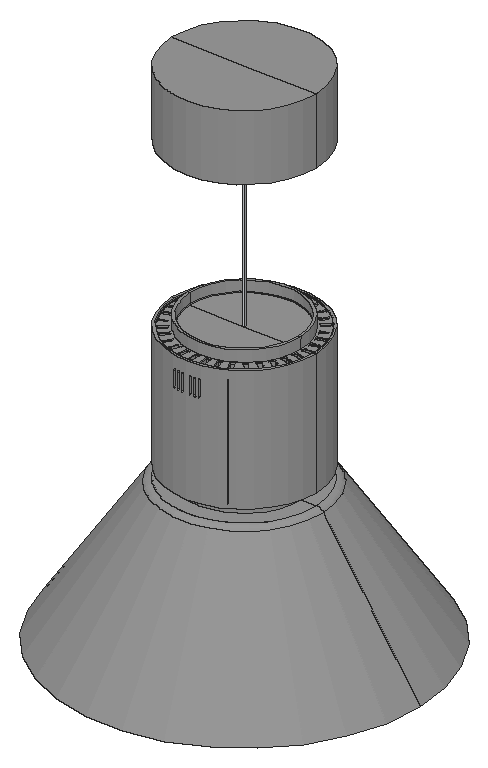
Revit family "LAMP_STORMBELL DECO + OPAL REFLECTOR", category Luminarias, Revit 2015
Parameters (values of type "2338LM 3000 WHITE FLOOD")
  Weight = 4.504 kg
  Type = "COB CITIZEN"
  Suspension height [instance] = 200.00 mm
  Reflector product code = "10400120"
  Protection rating = "IP20"
  Product datasheet = "http://www.lamp.es/product-files/TECH/ST117030FL830NOW-EN.pdf"
  Product code = "ST117030FL830NOW"
  Product URL = "http://www.lamp.es/en/family/stormbell_33344"
  Power Supply = "220-240V 50-60Hz"
  Power = 25 W
  Plum = 26.3 W
  Photometric web file = Reflector glaseado core : 2338LM 3000 WHITE FLOOD
  Modelo = Product code  # "ST117030FL830NOW"
  Material floron = LAMP_Aluminio cuerpo Stormbell BL
  Material COB = LAMP_COB
  Manufacturer name = "LAMP"
  Manufacturer country = "Spain"
  Manufacturer URL = "http://www.lamp.es/en"
  MacAdam = "<3"
  Luminaire type = "Indoor - Suspended Downlight"
  Last update = "11/11/2020"
  Lamp = "COB LED"
  LED Lifetime = "50.000 L80 B10"
  Insulation class = "I"
  Installation instructions = "http://www.lamp.es/product-files/INS/1003910-B-INSTR.%20STORMBELL.pdf"
  Initial intensity = 2338 lm
  Initial color = 3000 K
  IEE = "A+"
  Height = 173.00 mm
  Gear = "Electronic"
  Finish = "Shiny white"
  Fabricante = Manufacturer name  # "LAMP"
  Efficacy = 88.9 lm/W
  Diameter = 173.00 mm
  Descripción = "STORMBELL DECO 3000 WW FL WH."
  Core = Core Stormbell Deco : WHITE
  CRI = "80"
  Body Height = 0.00 mm
  Altura suspension [instance] = if(Suspension height < 0.00 mm, 0.00 mm, if(Suspension height > 3000.00 mm, 3000.00 mm, Suspension height))  # 200.00 mm
Types (16, lengths in mm): name | Weight | Reflector product code | Product datasheet | Product code | Power Supply | Power | Plum | Modelo | Initial intensity | Initial color | Finish | Efficacy | Descripción
  2338LM 3000 WHITE FLOOD | 4.504 kg | "10400120" | "http://www.lamp.es/product-files/TECH/ST117030FL830NOW-EN.pdf" | "ST117030FL830NOW" | "220-240V 50-60Hz" | 25 W | 26.3 W | "ST117030FL830NOW" | 2338 lm | 3000 K | "Shiny white" | 88.9 lm/W | "STORMBELL DECO 3000 WW FL WH."
  2338LM 3000 BLACK FLOOD | 4.504 kg | "10400120" | "http://www.lamp.es/product-files/TECH/ST117030FL830NOB-EN.pdf" | "ST117030FL830NOB" | "220-240V 50-60Hz" | 25 W | 26.3 W | "ST117030FL830NOB" | 2338 lm | 3000 K | "Shiny black" | 88.9 lm/W | "STORMBELL DECO 3000 WW FL BK."
  2402LM 4000 WHITE FLOOD | 4.504 kg | "10400120" | "http://www.lamp.es/product-files/TECH/ST117030FL840NOW-EN.pdf" | "ST117030FL840NOW" | "220-240V 50-60Hz" | 25 W | 26.3 W | "ST117030FL840NOW" | 2402 lm | 4000 K | "Shiny white" | 91.3 lm/W | "STORMBELL DECO 3000 NW FL WH."
  2402LM 4000 BLACK FLOOD | 4.504 kg | "10400120" | "http://www.lamp.es/product-files/TECH/ST117030FL840NOB-EN.pdf" | "ST117030FL840NOB" | "220-240V 50-60Hz" | 25 W | 26.3 W | "ST117030FL840NOB" | 2402 lm | 4000 K | "Shiny black" | 91.3 lm/W | "STORMBELL DECO 3000 NW FL BK."
  2567LM 3000 WHITE WIDE FLOOD | 4.504 kg | "10400120" | "http://www.lamp.es/product-files/TECH/ST117030WF830NOW-EN.pdf" | "ST117030WF830NOW" | "220-240V 50-60Hz" | 25 W | 26.3 W | "ST117030WF830NOW" | 2567 lm | 3000 K | "Shiny white" | 97.6 lm/W | "STORMBELL DECO 3000 WW WFL WH."
  2567LM 3000 BLACK WIDE FLOOD | 4.504 kg | "10400120" | "http://www.lamp.es/product-files/TECH/ST117030WF830NOB-EN.pdf" | "ST117030WF830NOB" | "220-240V 50-60Hz" | 25 W | 26.3 W | "ST117030WF830NOB" | 2567 lm | 3000 K | "Shiny black" | 97.6 lm/W | "STORMBELL DECO 3000 WW WFL BK."
  2638LM 4000 WHITE WIDE FLOOD | 4.504 kg | "STBE420OP" | "http://www.lamp.es/product-files/TECH/ST117030WF840NOW-EN.pdf" | "ST117030WF840NOW" | "220-240V 50-60Hz" | 25 W | 26.3 W | "ST117030WF840NOW" | 2638 lm | 4000 K | "Shiny white" | 100.3 lm/W | "STORMBELL DECO 3000 NW WFL WH."
  2638LM 4000 BLACK WIDE FLOOD | 4.504 kg | "STBE420OP" | "http://www.lamp.es/product-files/TECH/ST117030WF840NOB-EN.pdf" | "ST117030WF840NOB" | "220-240V 50-60Hz" | 25 W | 26.3 W | "ST117030WF840NOB" | 2638 lm | 4000 K | "Shiny black" | 100.3 lm/W | "STORMBELL DECO 3000 NW WFL BK."
  3691LM 3000 WHITE FLOOD | 4.592 kg | "STBE420OP" | "http://www.lamp.es/product-files/TECH/ST117050FL830NOW-EN.pdf" | "ST117050FL830NOW" | "100-240V 50-60Hz" | 44 W | 47.4 W | "ST117050FL830NOW" | 3691 lm | 3000 K | "Shiny white" | 77.9 lm/W | "STORMBELL DECO 5000 WW FL WH."
  3691LM 3000 BLACK FLOOD | 4.592 kg | "STBE420OP" | "http://www.lamp.es/product-files/TECH/ST117050FL830NOB-EN.pdf" | "ST117050FL830NOB" | "100-240V 50-60Hz" | 44 W | 47.4 W | "ST117050FL830NOB" | 3691 lm | 3000 K | "Shiny black" | 77.9 lm/W | "STORMBELL DECO 5000 WW FL BK."
  3793LM 4000 WHITE FLOOD | 4.592 kg | "STBE420OP" | "http://www.lamp.es/product-files/TECH/ST117050FL840NOW-EN.pdf" | "ST117050FL840NOW" | "100-240V 50-60Hz" | 44 W | 47.4 W | "ST117050FL840NOW" | 3793 lm | 4000 K | "Shiny white" | 80 lm/W | "STORMBELL DECO 5000 NW FL WH."
  3793LM 4000 BLACK FLOOD | 4.592 kg | "STBE420OP" | "http://www.lamp.es/product-files/TECH/ST117050FL840NOB-EN.pdf" | "ST117050FL840NOB" | "100-240V 50-60Hz" | 44 W | 47.4 W | "ST117050FL840NOB" | 3793 lm | 4000 K | "Shiny black" | 80 lm/W | "STORMBELL DECO 5000 NW FL BK."
  4042LM 3000 WHITE WIDE FLOOD | 4.592 kg | "STBE420OP" | "http://www.lamp.es/product-files/TECH/ST117050WF830NOW-EN.pdf" | "ST117050WF830NOW" | "100-240V 50-60Hz" | 44 W | 47.4 W | "ST117050WF830NOW" | 4042 lm | 3000 K | "Shiny white" | 85.3 lm/W | "STORMBELL DECO 5000 WW WFL WH."
  4042LM 3000 BLACK WIDE FLOOD | 4.592 kg | "STBE420OP" | "http://www.lamp.es/product-files/TECH/ST117050WF830NOB-EN.pdf" | "ST117050WF830NOB" | "100-240V 50-60Hz" | 44 W | 47.4 W | "ST117050WF830NOB" | 4042 lm | 3000 K | "Shiny black" | 85.3 lm/W | "STORMBELL DECO 5000 WW WFL BK."
  4154LM 4000 WHITE WIDE FLOOD | 4.592 kg | "STBE420OP" | "http://www.lamp.es/product-files/TECH/ST117050WF840NOW-EN.pdf" | "ST117050WF840NOW" | "100-240V 50-60Hz" | 44 W | 47.4 W | "ST117050WF840NOW" | 4154 lm | 4000 K | "Shiny white" | 87.6 lm/W | "STORMBELL DECO 5000 NW WFL WH."
  4154LM 4000 BLACK WIDE FLOOD | 4.592 kg | "STBE420OP" | "http://www.lamp.es/product-files/TECH/ST117050WF840NOB-EN.pdf" | "ST117050WF840NOB" | "100-240V 50-60Hz" | 44 W | 47.4 W | "ST117050WF840NOB" | 4154 lm | 4000 K | "Shiny black" | 87.6 lm/W | "STORMBELL DECO 5000 NW WFL BK."
Reference planes
  plane 1 "Eje de origen de luz (F/P)": y = 0
  plane 2 "Techo": z = 2438.4
  plane 3 "Eje de origen de luz (I/D)": x = 0
  plane 4 "Elevación de origen de luz": z = 1316.8
  plane 5: z = 2359.2
Forms (mm)
  Revolve 1, solid, material "LAMP_Aluminio cuerpo Stormbell BL" <- "Material floron"
    sketch origin (0, 0, 0) x (1, 0, 0) y (0, 0, 1)
      loop
        line (0, 2438.4) -> (-86.5, 2438.4) -> (-86.5, 2359.2) -> (-83.75, 2359.2) -> (-83.75, 2371.9) -> (0, 2371.9) -> (0, 2438.4)
      axis (0, 2438.4) -> (0, 2359.2)
    angle from 0 to 360
  Extrusion 2, solid
    sketch origin (0, 0, 0) x (1, 0, 0) y (0, 1, 0)
      loop
        circle (0, 0) r 1
    from 2159.2 to 2371.9
  Revolve 3, solid, material "LAMP_COB" <- "Material COB"
    sketch origin (-474.113, 0, 2159.2) x (1, 0, 0) y (0, 0, 1)
      loop
        line (474.113, -61.467) -> (474.113, -62.467) -> (481.113, -62.467) -> (481.113, -61.467) -> (474.113, -61.467)
      axis (474.113, -61.467) -> (474.113, -62.467)
    angle from 0 to 360
  Extrusion 4, solid, material "LAMP_Aluminio cuerpo Stormbell BL" <- "Material floron"
    sketch origin (-1.875, 0, 0) x (1, 0, 0) y (0, 1, 0)
      loop
        line (18.156, -7.036) -> (18.156, 7.036)
        arc (18.156, 7.036) -> (17.332, 7.861) -> (16.508, 7.036) r 0.824
        line (16.508, 7.036) -> (16.508, -5.422)
        arc (16.508, -5.422) -> (16.293, -5.94) -> (15.775, -6.154) r 0.733
        line (15.775, -6.154) -> (14.051, -6.154)
        arc (14.051, -6.154) -> (13.604, -6.011) -> (13.324, -5.636) r 0.768
        line (13.324, -5.636) -> (9.075, 6.72)
        arc (9.075, 6.72) -> (7.599, 7.773) -> (6.122, 6.72) r 1.561
        line (6.122, 6.72) -> (1.915, -5.514)
        arc (1.915, -5.514) -> (0.865, -6.139) -> (0.075, -5.206) r 0.946
        line (0.075, -5.206) -> (0.075, 6.255)
        arc (0.075, 6.255) -> (-1.121, 7.917) -> (-3.078, 7.312) r 1.753
        line (-3.078, 7.312) -> (-5.708, 4.681) -> (-8.339, 7.312)
        arc (-8.339, 7.312) -> (-10.295, 7.917) -> (-11.491, 6.255) r 1.753
        line (-11.491, 6.255) -> (-11.491, -5.392)
        arc (-11.491, -5.392) -> (-11.714, -5.931) -> (-12.253, -6.154) r 0.762
        line (-12.253, -6.154) -> (-13.949, -6.154)
        arc (-13.949, -6.154) -> (-14.491, -5.93) -> (-14.715, -5.388) r 0.766
        line (-14.715, -5.388) -> (-14.715, 7.007)
        arc (-14.715, 7.007) -> (-14.94, 7.549) -> (-15.481, 7.773) r 0.766
        line (-15.481, 7.773) -> (-22.184, 7.773)
        arc (-22.184, 7.773) -> (-22.732, 7.546) -> (-22.959, 6.997) r 0.776
        line (-22.959, 6.997) -> (-22.959, 1.093)
        arc (-22.959, 1.093) -> (-22.743, 0.57) -> (-22.22, 0.354) r 0.739
        line (-22.22, 0.354) -> (-17.382, 0.354)
        arc (-17.382, 0.354) -> (-16.557, 1.178) -> (-17.382, 2.002) r 0.824
        line (-17.382, 2.002) -> (-20.553, 2.002)
        arc (-20.553, 2.002) -> (-21.089, 2.224) -> (-21.31, 2.76) r 0.758
        line (-21.31, 2.76) -> (-21.31, 5.362)
        arc (-21.31, 5.362) -> (-21.087, 5.901) -> (-20.548, 6.124) r 0.762
        line (-20.548, 6.124) -> (-17.104, 6.124)
        arc (-17.104, 6.124) -> (-16.581, 5.908) -> (-16.364, 5.384) r 0.74
        line (-16.364, 5.384) -> (-16.364, -7.016)
        arc (-16.364, -7.016) -> (-16.14, -7.557) -> (-15.598, -7.782) r 0.766
        line (-15.598, -7.782) -> (-10.521, -7.782)
        arc (-10.521, -7.782) -> (-10.021, -7.574) -> (-9.814, -7.074) r 0.708
        line (-9.814, -7.074) -> (-9.814, 6.019) -> (-5.708, 1.914) -> (-1.603, 6.019) -> (-1.603, -6.949)
        arc (-1.603, -6.949) -> (-1.39, -7.464) -> (-0.874, -7.677) r 0.729
        line (-0.874, -7.677) -> (2.395, -7.677)
        arc (2.395, -7.677) -> (2.818, -7.542) -> (3.083, -7.187) r 0.727
        line (3.083, -7.187) -> (7.599, 5.936) -> (12.139, -7.259)
        arc (12.139, -7.259) -> (12.421, -7.638) -> (12.871, -7.782) r 0.775
        line (12.871, -7.782) -> (17.411, -7.782)
        arc (17.411, -7.782) -> (17.938, -7.563) -> (18.156, -7.036) r 0.745
    from 2370.9 to 2371.9
Lines and regions (mm)
  reference lines
    curve 1: line (-474.113, 0, 2159.2) -> (435.887, 0, 2159.2)
Text (mm)
  text "Any modification of the parameters and properties of the LAMP BIM models must be executed and validated by the LAMP technical department.\n\nPhone: +34 93 736 68 00\n\nE-mail: lamp@lamp.es\n\n\n\nLAMP reserves the right to modify the technical specifications of its products." at (-12684.27, -18653.432, 16760.065), in view "Preview"
Dimensions and locks
  equal spacing: host sketch curve, plane 3 "Eje de origen de luz (I/D)", host sketch curve
  equal spacing: host sketch curve, plane 1 "Eje de origen de luz (F/P)", host sketch curve
  host sketch curve to host sketch curve = 3048.00 mm  (x2)
  locked: plane 2 "Techo" to plane 5 at 79.2
  "Altura suspension": plane 5 to curve 1
  aligned and locked: plane 5 to Revolve 1
  aligned and locked: curve 1 to Extrusion 2
Automatic sketch dimensions
  Revolve 1 sketch curve to plane 2 "Techo" = 0.00 mm
  Revolve 1 sketch curve to plane 5 = 0.00 mm
  Revolve 1 sketch curve to plane 3 "Eje de origen de luz (I/D)" = 0.00 mm  (x2)
  Revolve 1 sketch curve to plane 3 "Eje de origen de luz (I/D)" = 83.75 mm
  Revolve 1 sketch curve to Revolve 1 sketch curve = 2.75 mm
  plane 5 to Revolve 1 sketch curve = 12.70 mm
  Revolve 1 sketch curve to level = 304.80 mm
  plane 2 "Techo" to Revolve 1 sketch curve = 324.435 mm
  plane 1 "Eje de origen de luz (F/P)" to Extrusion 2 sketch curve = 0.00 mm
  Extrusion 2 sketch curve to plane 3 "Eje de origen de luz (I/D)" = 0.00 mm
  curve 1 to Revolve 3 sketch curve = 61.467 mm
  Revolve 3 sketch curve to curve 1 = 435.887 mm  (x2)
  Revolve 3 sketch curve to Revolve 3 sketch curve = 7.00 mm
  Revolve 3 sketch curve to Revolve 3 sketch curve = 1.00 mm
  Revolve 3 sketch curve to curve 1 = 2364.00 mm
  curve 1 to Revolve 3 sketch curve = 703.635 mm
  Extrusion 4 sketch curve to plane 1 "Eje de origen de luz (F/P)" = 1.093 mm
  Extrusion 4 sketch curve to plane 3 "Eje de origen de luz (I/D)" = 24.834 mm
  Extrusion 4 sketch curve to Extrusion 4 sketch curve = 0.739 mm
  Extrusion 4 sketch curve to Extrusion 4 sketch curve = 0.776 mm
  Extrusion 4 sketch curve to Extrusion 4 sketch curve = 0.873 mm
  Extrusion 4 sketch curve to Extrusion 4 sketch curve = 0.758 mm
  Extrusion 4 sketch curve to Extrusion 4 sketch curve = 0.762 mm  (x2)
  Extrusion 4 sketch curve to Extrusion 4 sketch curve = 3.171 mm
  Extrusion 4 sketch curve to Extrusion 4 sketch curve = 0.277 mm
  Extrusion 4 sketch curve to Extrusion 4 sketch curve = 1.018 mm
  Extrusion 4 sketch curve to Extrusion 4 sketch curve = 0.766 mm  (x2)
  Extrusion 4 sketch curve to Extrusion 4 sketch curve = 1.623 mm
  Extrusion 4 sketch curve to Extrusion 4 sketch curve = 0.883 mm
  Extrusion 4 sketch curve to Extrusion 4 sketch curve = 1.696 mm
  Extrusion 4 sketch curve to Extrusion 4 sketch curve = 0.97 mm
  Extrusion 4 sketch curve to Extrusion 4 sketch curve = 0.708 mm
  Extrusion 4 sketch curve to Extrusion 4 sketch curve = 0.076 mm  (x2)
  Extrusion 4 sketch curve to plane 1 "Eje de origen de luz (F/P)" = 7.312 mm  (x2)
  Extrusion 4 sketch curve to Extrusion 4 sketch curve = 1.399 mm  (x2)
  Extrusion 4 sketch curve to plane 1 "Eje de origen de luz (F/P)" = 4.681 mm
  Extrusion 4 sketch curve to Extrusion 4 sketch curve = 2.631 mm
  Extrusion 4 sketch curve to plane 1 "Eje de origen de luz (F/P)" = 1.914 mm
  Extrusion 4 sketch curve to Extrusion 4 sketch curve = 0.00 mm  (x2)
  Extrusion 4 sketch curve to Extrusion 4 sketch curve = 0.729 mm
  Extrusion 4 sketch curve to Extrusion 4 sketch curve = 1.677 mm
  Extrusion 4 sketch curve to Extrusion 4 sketch curve = 0.946 mm
  plane 1 "Eje de origen de luz (F/P)" to Extrusion 4 sketch curve = 5.514 mm
  Extrusion 4 sketch curve to Extrusion 4 sketch curve = 0.895 mm
  Extrusion 4 sketch curve to Extrusion 4 sketch curve = 0.48 mm
  plane 1 "Eje de origen de luz (F/P)" to Extrusion 4 sketch curve = 7.187 mm
  Extrusion 4 sketch curve to Extrusion 4 sketch curve = 0.688 mm
  Extrusion 4 sketch curve to plane 1 "Eje de origen de luz (F/P)" = 6.72 mm  (x2)
  Extrusion 4 sketch curve to Extrusion 4 sketch curve = 6.048 mm
  Extrusion 4 sketch curve to Extrusion 4 sketch curve = 1.476 mm
  Extrusion 4 sketch curve to plane 1 "Eje de origen de luz (F/P)" = 5.936 mm
  plane 1 "Eje de origen de luz (F/P)" to Extrusion 4 sketch curve = 7.259 mm
  Extrusion 4 sketch curve to Extrusion 4 sketch curve = 9.055 mm
  Extrusion 4 sketch curve to Extrusion 4 sketch curve = 0.733 mm
  plane 1 "Eje de origen de luz (F/P)" to Extrusion 4 sketch curve = 5.636 mm
  Extrusion 4 sketch curve to Extrusion 4 sketch curve = 0.453 mm
  Extrusion 4 sketch curve to Extrusion 4 sketch curve = 0.727 mm
  Extrusion 4 sketch curve to Extrusion 4 sketch curve = 1.725 mm
  Extrusion 4 sketch curve to Extrusion 4 sketch curve = 7.433 mm
  Extrusion 4 sketch curve to Extrusion 4 sketch curve = 0.824 mm  (x2)
  Extrusion 4 sketch curve to Extrusion 4 sketch curve = 0.745 mm
  Extrusion 4 sketch curve to Extrusion 4 sketch curve = 2.146 mm
  plane 1 "Eje de origen de luz (F/P)" to Extrusion 4 sketch curve = 7.782 mm
  Extrusion 4 sketch curve to Extrusion 4 sketch curve = 2.472 mm
  Extrusion 4 sketch curve to Extrusion 4 sketch curve = 0.519 mm
  Extrusion 4 sketch curve to Extrusion 4 sketch curve = 0.862 mm
  Extrusion 4 sketch curve to Extrusion 4 sketch curve = 2.602 mm
  Extrusion 4 sketch curve to Extrusion 4 sketch curve = 0.236 mm
  Extrusion 4 sketch curve to Extrusion 4 sketch curve = 0.276 mm
  Extrusion 4 sketch curve to Extrusion 4 sketch curve = 1.635 mm
  Extrusion 4 sketch curve to Extrusion 4 sketch curve = 0.317 mm
  curve 1 to plane 3 "Eje de origen de luz (I/D)" = 474.113 mm
  plane 3 "Eje de origen de luz (I/D)" to curve 1 = 435.887 mm
  radius of Extrusion 2 sketch curve = 1.00 mm
Nested families
  nested 1: "Core Stormbell Deco" at (0, 0, 1995.7), type <- "Core", type "WHITE"
  nested 2: "Reflector glaseado core" at (0, 0, 302.7), type <- "Photometric web file", type "2338LM 3000 WHITE FLOOD"
Connectors
  electrical at (0, 0, 2438.4)
    settings: on Revolve 1, index 1, voltage 230 V, apparent load 0 VA, apparent load phase1 0 VA, apparent load phase2 0 VA, apparent load phase3 0 VA, power factor 1, load classification "Otro", number of poles 1, system type 31, power factor state 1, is connector primary yes, connector utility no, sub classification motor no, connector description ""
Definition of nested family "Core Stormbell Deco"
  Parameters (values of type "BLACK")
    Material disipador = none
    Material core = none
    Default Elevation = 1219.20 mm
  Types (3): name
    (no name)
    BLACK
    WHITE
  Reference planes
    plane 1 "Centro (Frontal/Posterior)": y = 0
    plane 2: z = 0
    plane 3 "Centro (Izquierda/Derecha)": x = 0
  Forms (mm)
    Revolve 1, solid, material <- "Material core"
      sketch origin (0, 0, -1221.577) x (1, 0, 0) y (0, 0, 1)
        loop
          line (83.75, 1384.077) -> (83.75, 1383.077) -> (0, 1383.077) -> (0, 1323.61) -> (7, 1323.61) -> (7, 1322.61) -> (22.096, 1322.61)
          arc (22.096, 1322.61) -> (24.519, 1321.984) -> (26.335, 1320.262) r 5
          arc (26.335, 1320.262) -> (44.293, 1286.941) -> (57.8, 1251.58) r 292.631
          line (57.8, 1251.58) -> (59.5, 1251.58) -> (64, 1251.58) -> (64, 1238.077) -> (83.75, 1238.077) -> (83.75, 1237.077) -> (83.75, 1236.077) -> (86.5, 1236.077) -> (86.5, 1385.077) -> (83.75, 1385.077) -> (83.75, 1384.077)
        axis (0, 1385.077) -> (0, 1236.077)
      angle from 0 to 360
    Extrusion 2, void
      sketch origin (0, 0, 0) x (1, 0, 0) y (0, 1, 0)
        loop
          line (-2.75, 81.654) -> (-2.75, 70.747)
          arc (-2.75, 70.747) -> (0, 70.8) -> (2.75, 70.747) r 70.8
          line (2.75, 70.747) -> (2.75, 81.654)
          arc (2.75, 81.654) -> (0, 81.7) -> (-2.75, 81.654) r 81.7
        loop
          arc (-2.75, -81.654) -> (0, -81.7) -> (2.75, -81.654) r 81.7
          line (2.75, -81.654) -> (2.75, -70.747)
          arc (2.75, -70.747) -> (0, -70.8) -> (-2.75, -70.747) r 70.8
          line (-2.75, -70.747) -> (-2.75, -81.654)
        loop
          line (81.654, 2.75) -> (70.747, 2.75)
          arc (70.747, 2.75) -> (70.8, 0) -> (70.747, -2.75) r 70.8
          line (70.747, -2.75) -> (81.654, -2.75)
          arc (81.654, -2.75) -> (81.7, 0) -> (81.654, 2.75) r 81.7
        loop
          arc (-81.654, 2.75) -> (-81.7, 0) -> (-81.654, -2.75) r 81.7
          line (-81.654, -2.75) -> (-70.747, -2.75)
          arc (-70.747, -2.75) -> (-70.8, 0) -> (-70.747, 2.75) r 70.8
          line (-70.747, 2.75) -> (-81.654, 2.75)
        loop
          line (11.471, 80.891) -> (9.577, 70.149)
          arc (9.577, 70.149) -> (12.294, 69.724) -> (14.993, 69.194) r 70.8
          line (14.993, 69.194) -> (16.887, 79.936)
          arc (16.887, 79.936) -> (14.187, 80.459) -> (11.471, 80.891) r 81.7
        loop
          line (25.343, 77.67) -> (21.613, 67.421)
          arc (21.613, 67.421) -> (24.215, 66.53) -> (26.781, 65.539) r 70.8
          line (26.781, 65.539) -> (30.511, 75.789)
          arc (30.511, 75.789) -> (27.943, 76.773) -> (25.343, 77.67) r 81.7
        loop
          line (38.445, 72.089) -> (32.992, 62.643)
          arc (32.992, 62.643) -> (35.4, 61.315) -> (37.755, 59.893) r 70.8
          line (37.755, 59.893) -> (43.208, 69.339)
          arc (43.208, 69.339) -> (40.85, 70.754) -> (38.445, 72.089) r 81.7
        loop
          line (50.379, 64.318) -> (43.368, 55.963)
          arc (43.368, 55.963) -> (45.509, 54.236) -> (47.582, 52.427) r 70.8
          line (47.582, 52.427) -> (54.593, 60.783)
          arc (54.593, 60.783) -> (52.516, 62.586) -> (50.379, 64.318) r 81.7
        loop
          line (60.783, 54.593) -> (52.427, 47.582)
          arc (52.427, 47.582) -> (54.236, 45.509) -> (55.963, 43.368) r 70.8
          line (55.963, 43.368) -> (64.318, 50.379)
          arc (64.318, 50.379) -> (62.586, 52.516) -> (60.783, 54.593) r 81.7
        loop
          line (69.339, 43.208) -> (59.893, 37.755)
          arc (59.893, 37.755) -> (61.315, 35.4) -> (62.643, 32.992) r 70.8
          line (62.643, 32.992) -> (72.089, 38.445)
          arc (72.089, 38.445) -> (70.754, 40.85) -> (69.339, 43.208) r 81.7
        loop
          line (75.789, 30.511) -> (65.539, 26.781)
          arc (65.539, 26.781) -> (66.53, 24.215) -> (67.421, 21.613) r 70.8
          line (67.421, 21.613) -> (77.67, 25.343)
          arc (77.67, 25.343) -> (76.773, 27.943) -> (75.789, 30.511) r 81.7
        loop
          line (79.936, 16.887) -> (69.194, 14.993)
          arc (69.194, 14.993) -> (69.724, 12.294) -> (70.149, 9.577) r 70.8
          line (70.149, 9.577) -> (80.891, 11.471)
          arc (80.891, 11.471) -> (80.459, 14.187) -> (79.936, 16.887) r 81.7
        loop
          arc (-11.471, 80.891) -> (-14.187, 80.459) -> (-16.887, 79.936) r 81.7
          line (-16.887, 79.936) -> (-14.993, 69.194)
          arc (-14.993, 69.194) -> (-12.294, 69.724) -> (-9.577, 70.149) r 70.8
          line (-9.577, 70.149) -> (-11.471, 80.891)
        loop
          arc (-25.343, 77.67) -> (-27.943, 76.773) -> (-30.511, 75.789) r 81.7
          line (-30.511, 75.789) -> (-26.781, 65.539)
          arc (-26.781, 65.539) -> (-24.215, 66.53) -> (-21.613, 67.421) r 70.8
          line (-21.613, 67.421) -> (-25.343, 77.67)
        loop
          arc (-38.445, 72.089) -> (-40.85, 70.754) -> (-43.208, 69.339) r 81.7
          line (-43.208, 69.339) -> (-37.755, 59.893)
          arc (-37.755, 59.893) -> (-35.4, 61.315) -> (-32.992, 62.643) r 70.8
          line (-32.992, 62.643) -> (-38.445, 72.089)
        loop
          arc (-50.379, 64.318) -> (-52.516, 62.586) -> (-54.593, 60.783) r 81.7
          line (-54.593, 60.783) -> (-47.582, 52.427)
          arc (-47.582, 52.427) -> (-45.509, 54.236) -> (-43.368, 55.963) r 70.8
          line (-43.368, 55.963) -> (-50.379, 64.318)
        loop
          arc (-60.783, 54.593) -> (-62.586, 52.516) -> (-64.318, 50.379) r 81.7
          line (-64.318, 50.379) -> (-55.963, 43.368)
          arc (-55.963, 43.368) -> (-54.236, 45.509) -> (-52.427, 47.582) r 70.8
          line (-52.427, 47.582) -> (-60.783, 54.593)
        loop
          arc (-69.339, 43.208) -> (-70.754, 40.85) -> (-72.089, 38.445) r 81.7
          line (-72.089, 38.445) -> (-62.643, 32.992)
          arc (-62.643, 32.992) -> (-61.315, 35.4) -> (-59.893, 37.755) r 70.8
          line (-59.893, 37.755) -> (-69.339, 43.208)
        loop
          arc (-75.789, 30.511) -> (-76.773, 27.943) -> (-77.67, 25.343) r 81.7
          line (-77.67, 25.343) -> (-67.421, 21.613)
          arc (-67.421, 21.613) -> (-66.53, 24.215) -> (-65.539, 26.781) r 70.8
          line (-65.539, 26.781) -> (-75.789, 30.511)
        loop
          arc (-79.936, 16.887) -> (-80.459, 14.187) -> (-80.891, 11.471) r 81.7
          line (-80.891, 11.471) -> (-70.149, 9.577)
          arc (-70.149, 9.577) -> (-69.724, 12.294) -> (-69.194, 14.993) r 70.8
          line (-69.194, 14.993) -> (-79.936, 16.887)
        loop
          arc (11.471, -80.891) -> (14.187, -80.459) -> (16.887, -79.936) r 81.7
          line (16.887, -79.936) -> (14.993, -69.194)
          arc (14.993, -69.194) -> (12.294, -69.724) -> (9.577, -70.149) r 70.8
          line (9.577, -70.149) -> (11.471, -80.891)
        loop
          arc (25.343, -77.67) -> (27.943, -76.773) -> (30.511, -75.789) r 81.7
          line (30.511, -75.789) -> (26.781, -65.539)
          arc (26.781, -65.539) -> (24.215, -66.53) -> (21.613, -67.421) r 70.8
          line (21.613, -67.421) -> (25.343, -77.67)
        loop
          arc (38.445, -72.089) -> (40.85, -70.754) -> (43.208, -69.339) r 81.7
          line (43.208, -69.339) -> (37.755, -59.893)
          arc (37.755, -59.893) -> (35.4, -61.315) -> (32.992, -62.643) r 70.8
          line (32.992, -62.643) -> (38.445, -72.089)
        loop
          arc (50.379, -64.318) -> (52.516, -62.586) -> (54.593, -60.783) r 81.7
          line (54.593, -60.783) -> (47.582, -52.427)
          arc (47.582, -52.427) -> (45.509, -54.236) -> (43.368, -55.963) r 70.8
          line (43.368, -55.963) -> (50.379, -64.318)
        loop
          arc (60.783, -54.593) -> (62.586, -52.516) -> (64.318, -50.379) r 81.7
          line (64.318, -50.379) -> (55.963, -43.368)
          arc (55.963, -43.368) -> (54.236, -45.509) -> (52.427, -47.582) r 70.8
          line (52.427, -47.582) -> (60.783, -54.593)
        loop
          arc (69.339, -43.208) -> (70.754, -40.85) -> (72.089, -38.445) r 81.7
          line (72.089, -38.445) -> (62.643, -32.992)
          arc (62.643, -32.992) -> (61.315, -35.4) -> (59.893, -37.755) r 70.8
          line (59.893, -37.755) -> (69.339, -43.208)
        loop
          arc (75.789, -30.511) -> (76.773, -27.943) -> (77.67, -25.343) r 81.7
          line (77.67, -25.343) -> (67.421, -21.613)
          arc (67.421, -21.613) -> (66.53, -24.215) -> (65.539, -26.781) r 70.8
          line (65.539, -26.781) -> (75.789, -30.511)
        loop
          arc (79.936, -16.887) -> (80.459, -14.187) -> (80.891, -11.471) r 81.7
          line (80.891, -11.471) -> (70.149, -9.577)
          arc (70.149, -9.577) -> (69.724, -12.294) -> (69.194, -14.993) r 70.8
          line (69.194, -14.993) -> (79.936, -16.887)
        loop
          line (-11.471, -80.891) -> (-9.577, -70.149)
          arc (-9.577, -70.149) -> (-12.294, -69.724) -> (-14.993, -69.194) r 70.8
          line (-14.993, -69.194) -> (-16.887, -79.936)
          arc (-16.887, -79.936) -> (-14.187, -80.459) -> (-11.471, -80.891) r 81.7
        loop
          line (-25.343, -77.67) -> (-21.613, -67.421)
          arc (-21.613, -67.421) -> (-24.215, -66.53) -> (-26.781, -65.539) r 70.8
          line (-26.781, -65.539) -> (-30.511, -75.789)
          arc (-30.511, -75.789) -> (-27.943, -76.773) -> (-25.343, -77.67) r 81.7
        loop
          line (-38.445, -72.089) -> (-32.992, -62.643)
          arc (-32.992, -62.643) -> (-35.4, -61.315) -> (-37.755, -59.893) r 70.8
          line (-37.755, -59.893) -> (-43.208, -69.339)
          arc (-43.208, -69.339) -> (-40.85, -70.754) -> (-38.445, -72.089) r 81.7
        loop
          line (-50.379, -64.318) -> (-43.368, -55.963)
          arc (-43.368, -55.963) -> (-45.509, -54.236) -> (-47.582, -52.427) r 70.8
          line (-47.582, -52.427) -> (-54.593, -60.783)
          arc (-54.593, -60.783) -> (-52.516, -62.586) -> (-50.379, -64.318) r 81.7
        loop
          line (-60.783, -54.593) -> (-52.427, -47.582)
          arc (-52.427, -47.582) -> (-54.236, -45.509) -> (-55.963, -43.368) r 70.8
          line (-55.963, -43.368) -> (-64.318, -50.379)
          arc (-64.318, -50.379) -> (-62.586, -52.516) -> (-60.783, -54.593) r 81.7
        loop
          line (-69.339, -43.208) -> (-59.893, -37.755)
          arc (-59.893, -37.755) -> (-61.315, -35.4) -> (-62.643, -32.992) r 70.8
          line (-62.643, -32.992) -> (-72.089, -38.445)
          arc (-72.089, -38.445) -> (-70.754, -40.85) -> (-69.339, -43.208) r 81.7
        loop
          line (-75.789, -30.511) -> (-65.539, -26.781)
          arc (-65.539, -26.781) -> (-66.53, -24.215) -> (-67.421, -21.613) r 70.8
          line (-67.421, -21.613) -> (-77.67, -25.343)
          arc (-77.67, -25.343) -> (-76.773, -27.943) -> (-75.789, -30.511) r 81.7
        loop
          line (-79.936, -16.887) -> (-69.194, -14.993)
          arc (-69.194, -14.993) -> (-69.724, -12.294) -> (-70.149, -9.577) r 70.8
          line (-70.149, -9.577) -> (-80.891, -11.471)
          arc (-80.891, -11.471) -> (-80.459, -14.187) -> (-79.936, -16.887) r 81.7
      from 14.5 to 163.5
    Extrusion 3, void
      sketch origin (0, 0, 0) x (1, 0, 0) y (0, 0, 1)
        loop
          arc (-3.5, 147.5) -> (-4.75, 148.75) -> (-6, 147.5) r 1.25
          line (-6, 147.5) -> (-6, 129.5)
          arc (-6, 129.5) -> (-4.75, 128.25) -> (-3.5, 129.5) r 1.25
          line (-3.5, 129.5) -> (-3.5, 147.5)
        loop
          arc (-8.5, 147.5) -> (-9.75, 148.75) -> (-11, 147.5) r 1.25
          line (-11, 147.5) -> (-11, 129.5)
          arc (-11, 129.5) -> (-9.75, 128.25) -> (-8.5, 129.5) r 1.25
          line (-8.5, 129.5) -> (-8.5, 147.5)
        loop
          arc (-13.5, 147.5) -> (-14.75, 148.75) -> (-16, 147.5) r 1.25
          line (-16, 147.5) -> (-16, 129.5)
          arc (-16, 129.5) -> (-14.75, 128.25) -> (-13.5, 129.5) r 1.25
          line (-13.5, 129.5) -> (-13.5, 147.5)
        loop
          arc (16, 147.5) -> (14.75, 148.75) -> (13.5, 147.5) r 1.25
          line (13.5, 147.5) -> (13.5, 129.5)
          arc (13.5, 129.5) -> (14.75, 128.25) -> (16, 129.5) r 1.25
          line (16, 129.5) -> (16, 147.5)
        loop
          arc (11, 147.5) -> (9.75, 148.75) -> (8.5, 147.5) r 1.25
          line (8.5, 147.5) -> (8.5, 129.5)
          arc (8.5, 129.5) -> (9.75, 128.25) -> (11, 129.5) r 1.25
          line (11, 129.5) -> (11, 147.5)
        loop
          arc (6, 147.5) -> (4.75, 148.75) -> (3.5, 147.5) r 1.25
          line (3.5, 147.5) -> (3.5, 129.5)
          arc (3.5, 129.5) -> (4.75, 128.25) -> (6, 129.5) r 1.25
          line (6, 129.5) -> (6, 147.5)
      from -87.047 to 87.159
    Revolve 4, solid, material <- "Material disipador"
      sketch origin (0, 0, 0) x (1, 0, 0) y (0, 0, 1)
        loop
          line (65.3, 175.5) -> (65.3, 163.5) -> (65.3, 162.5) -> (0, 162.5) -> (0, 161.5) -> (82.8, 161.5) -> (82.8, 16.5) -> (64, 16.5) -> (64, 13.203) -> (53.7, 13.203) -> (53.7, 10.703) -> (64, 10.703) -> (64, 6.703) -> (65.3, 0) -> (68.2, 0) -> (68.2, 15.5) -> (83.75, 15.5) -> (83.75, 162.5) -> (68.2, 162.5) -> (68.2, 175.5) -> (65.3, 175.5)
        axis (0, 175.5) -> (0, 0)
      angle from 0 to 360
  Cuts and joins
    Extrusion 2, Extrusion 3 cuts Revolve 1
    Extrusion 2 cuts Revolve 4
  Dimensions and locks
    aligned and locked: level to plane 2
Definition of nested family "Reflector glaseado core"
  Parameters (values of type "2338LM 3000 BLACK FLOOD")
    Tilt Angle = 90.00°
    Wattage = 26.3 W
    Separación luz = 20.00 mm
    built-in parameter 1150110 = 1 (stored number, unit not read)
    Material reflector = none
    built-in parameter 1114217 = 1 (stored number, unit not read)
    built-in parameter 1150109 = 1 (stored number, unit not read)
    Default Elevation = 1219.20 mm
    built-in parameter 1150134 = (empty or 0)
    built-in parameter 1150113 = 1 (stored number, unit not read)
    Lumens = 2338.07 lm
    built-in parameter 1150115 = 1 (stored number, unit not read)
    built-in parameter 1150105 = 186.06 (stored number, unit not read)
    built-in parameter 1150137 = (empty or 0)
    built-in parameter 1150139 = (empty or 0)
    built-in parameter 1150112 = 1 (stored number, unit not read)
    built-in parameter 1150114 = 1 (stored number, unit not read)
    built-in parameter 1150132 = 2
    built-in parameter 1150102 = (empty or 0)
    built-in parameter 1150138 = (empty or 0)
    built-in parameter 1150107 = 3000 (stored number, unit not read)
    built-in parameter 1150106 = 1.8606 (stored number, unit not read)
    built-in parameter 1150104 = 8.2591 (stored number, unit not read)
    Dimming Lamp Color Temperature Shift = (empty or 0)
    Color Filter = 16777215
    built-in parameter 1114218 = 1 (stored number, unit not read)
    Photometric Web File = "10441002+10400120_100.IES"
    built-in parameter 1150133 = 10 (stored number, unit not read)
  Types (17, lengths in mm): name | Wattage | built-in parameter 1150134 | Lumens | built-in parameter 1150105 | built-in parameter 1150107 | built-in parameter 1150106 | built-in parameter 1150104 | Photometric Web File
    (no name) | 26.3 W | (empty or 0) | 2338.07 lm | 186.06 (stored number, unit not read) | 3000 (stored number, unit not read) | 1.8606 (stored number, unit not read) | 8.2591 (stored number, unit not read) | "10441002+10400120_100.IES"
    2338LM 3000 WHITE FLOOD | 26.3 W | (empty or 0) | 2338.07 lm | 186.06 (stored number, unit not read) | 3000 (stored number, unit not read) | 1.8606 (stored number, unit not read) | 8.2591 (stored number, unit not read) | "10441000+10400120_100.IES"
    2338LM 3000 BLACK FLOOD | 26.3 W | (empty or 0) | 2338.07 lm | 186.06 (stored number, unit not read) | 3000 (stored number, unit not read) | 1.8606 (stored number, unit not read) | 8.2591 (stored number, unit not read) | "10441002+10400120_100.IES"
    2402LM 4000 WHITE FLOOD | 26.3 W | 12 | 2401.98 lm | 4122.2 (stored number, unit not read) | 4000 (stored number, unit not read) | 41.222 (stored number, unit not read) | 8.4848 (stored number, unit not read) | "10440000+10400120_100.IES"
    2402LM 4000 BLACK FLOOD | 26.3 W | 12 | 2401.98 lm | 4122.2 (stored number, unit not read) | 4000 (stored number, unit not read) | 41.222 (stored number, unit not read) | 8.4848 (stored number, unit not read) | "10440002+10400120_100.IES"
    2567LM 3000 WHITE WIDE FLOOD | 26.3 W | (empty or 0) | 2566.88 lm | 4405.3 (stored number, unit not read) | 3000 (stored number, unit not read) | 44.053 (stored number, unit not read) | 9.0673 (stored number, unit not read) | "10441010+10400120_100.IES"
    2567LM 3000 BLACK WIDE FLOOD | 26.3 W | (empty or 0) | 2566.88 lm | 4405.3 (stored number, unit not read) | 3000 (stored number, unit not read) | 44.053 (stored number, unit not read) | 9.0673 (stored number, unit not read) | "10441012+10400120_100.IES"
    2638LM 4000 WHITE WIDE FLOOD | 26.3 W | 12 | 2637.89 lm | 2407.5 (stored number, unit not read) | 4000 (stored number, unit not read) | 24.075 (stored number, unit not read) | 9.3182 (stored number, unit not read) | "10440010+10400120_100.IES"
    2638LM 4000 BLACK WIDE FLOOD | 26.3 W | 12 | 2637.89 lm | 2407.5 (stored number, unit not read) | 4000 (stored number, unit not read) | 24.075 (stored number, unit not read) | 9.3182 (stored number, unit not read) | "10440012+10400120_100.IES"
    3691LM 3000 WHITE FLOOD | 47.4 W | (empty or 0) | 3691.04 lm | 3368.7 (stored number, unit not read) | 3000 (stored number, unit not read) | 33.687 (stored number, unit not read) | 7.2344 (stored number, unit not read) | "10441020+10400120_100.IES"
    3691LM 3000 BLACK FLOOD | 47.4 W | (empty or 0) | 3691.04 lm | 3368.7 (stored number, unit not read) | 3000 (stored number, unit not read) | 33.687 (stored number, unit not read) | 7.2344 (stored number, unit not read) | "10441022+10400120_100.IES"
    3793LM 4000 WHITE FLOOD | 47.4 W | 12 | 3792 lm | 6557.9 (stored number, unit not read) | 4000 (stored number, unit not read) | 65.579 (stored number, unit not read) | 7.4322 (stored number, unit not read) | "10440020+10400120_100.IES"
    3793LM 4000 BLACK FLOOD | 47.4 W | 12 | 3792 lm | 6557.9 (stored number, unit not read) | 4000 (stored number, unit not read) | 65.579 (stored number, unit not read) | 7.4322 (stored number, unit not read) | "10440022+10400120_100.IES"
    4042LM 3000 WHITE WIDE FLOOD | 47.4 W | (empty or 0) | 4041.8 lm | 6989.9 (stored number, unit not read) | 3000 (stored number, unit not read) | 69.899 (stored number, unit not read) | 7.9218 (stored number, unit not read) | "10441030+10400120_100.IES"
    4042LM 3000 BLACK WIDE FLOOD | 47.4 W | (empty or 0) | 4041.8 lm | 6989.9 (stored number, unit not read) | 3000 (stored number, unit not read) | 69.899 (stored number, unit not read) | 7.9218 (stored number, unit not read) | "10441032+10400120_100.IES"
    4154LM 4000 WHITE WIDE FLOOD | 47.4 W | 12 | 4154.14 lm | 3828.3 (stored number, unit not read) | 4000 (stored number, unit not read) | 38.283 (stored number, unit not read) | 8.142 (stored number, unit not read) | "10440030+10400120_100.IES"
    4154LM 4000 BLACK WIDE FLOOD | 47.4 W | 12 | 4154.14 lm | 3828.3 (stored number, unit not read) | 4000 (stored number, unit not read) | 38.283 (stored number, unit not read) | 8.142 (stored number, unit not read) | "10440032+10400120_100.IES"
  Reference planes
    plane 1 "Eje de origen de luz (F/P)": y = 0
    plane 2: z = 0
    plane 3 "Eje de origen de luz (I/D)": x = 0
    plane 4 "Elevación de origen de luz": z = 1500
    plane 5: z = 1520
  Forms (mm)
    Revolve 1, solid, material <- "Material reflector"
      sketch origin (0, 0, 0) x (1, 0, 0) y (0, 0, 1)
        loop
          line (210, 1520) -> (95.087, 1688.631)
          arc (95.087, 1688.631) -> (91.497, 1691.841) -> (86.823, 1693) r 10
          line (86.823, 1693) -> (62, 1693) -> (53, 1693) -> (53, 1711.2) -> (50.4, 1711.2) -> (50.4, 1692) -> (86.305, 1692)
          arc (86.305, 1692) -> (90.979, 1690.841) -> (94.568, 1687.631) r 10
          line (94.568, 1687.631) -> (208.8, 1520) -> (210, 1520)
        axis (0, 1711.2) -> (0, 1520)
      angle from 0 to 360
  Dimensions and locks
    "Separación luz": plane 5 to plane 4 "Elevación de origen de luz"
    aligned and locked: plane 3 "Eje de origen de luz (I/D)" to imposter light
    aligned and locked: plane 1 "Eje de origen de luz (F/P)" to imposter light
    aligned and locked: plane 4 "Elevación de origen de luz" to imposter light
    aligned and locked: level to plane 2
  Automatic sketch dimensions
    Revolve 1 sketch curve to plane 3 "Eje de origen de luz (I/D)" = 0.00 mm
    Revolve 1 sketch curve to plane 5 = 0.00 mm
    plane 3 "Eje de origen de luz (I/D)" to Revolve 1 sketch curve = 50.40 mm
    Revolve 1 sketch curve to Revolve 1 sketch curve = 2.60 mm
    Revolve 1 sketch curve to Revolve 1 sketch curve = 9.00 mm
    Revolve 1 sketch curve to Revolve 1 sketch curve = 24.305 mm
    Revolve 1 sketch curve to Revolve 1 sketch curve = 0.519 mm  (x2)
    Revolve 1 sketch curve to Revolve 1 sketch curve = 7.745 mm
    Revolve 1 sketch curve to Revolve 1 sketch curve = 114.232 mm
    Revolve 1 sketch curve to Revolve 1 sketch curve = 1.20 mm
    plane 5 to Revolve 1 sketch curve = 162.00 mm
    Revolve 1 sketch curve to Revolve 1 sketch curve = 1.00 mm  (x2)
    Revolve 1 sketch curve to Revolve 1 sketch curve = 4.631 mm
    Revolve 1 sketch curve to Revolve 1 sketch curve = 18.20 mm
    Revolve 1 sketch curve to level = 271.696 mm
    Revolve 1 sketch curve to Revolve 1 sketch curve = 8.574 mm
